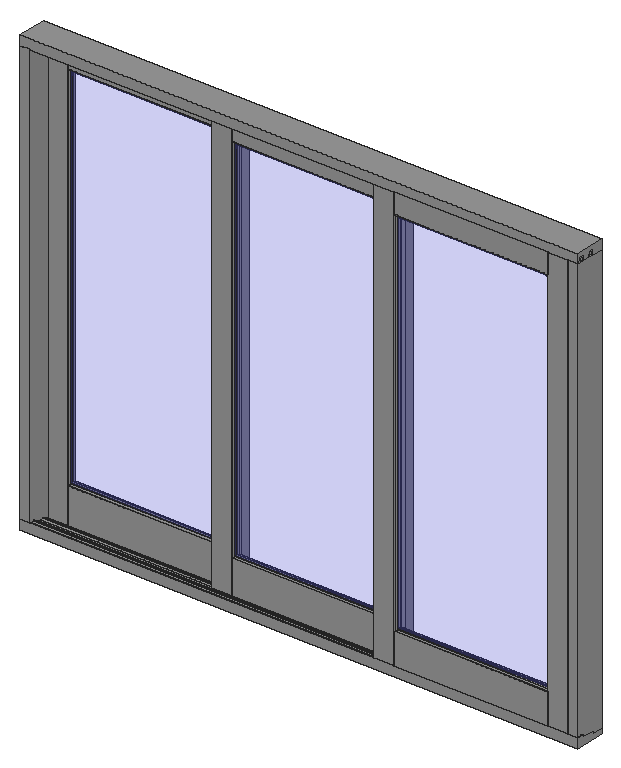
Revit family "VSD2.6TS LH", category Doors, host Wall, Revit 2015
Parameters (values of type "VSD2.6TS LH")
  Function = Interior
  Frame Projection Ext. = 25 mm
  Frame Projection Int. = 25 mm
  Frame Width = 75 mm
  Height = 2100 mm
  Wall Closure = By host
  Width = 2640 mm
Reference planes
  plane 1: y = 0
  plane 2 "Center (Left/Right)": x = 0
  plane 3 "Left": x = -1320
  plane 4 "Right": x = 1320
  plane 5: z = 2100
  plane 6 "Exterior": y = 75
  plane 7 "Interior": y = -75
  plane 8: x = 1275
  plane 9: x = 1170
  plane 10: x = -1275
  plane 11: x = -1170
  plane 12: x = 460
  plane 13: x = 355
  plane 14: x = -460
  plane 15: x = -355
  plane 16: x = -355
  plane 17: x = -460
  plane 18: x = -2905
  plane 19: x = -2800
  plane 20: x = -1170
  plane 21: x = -1275
  plane 22: x = -2090
  plane 23: x = -1985
  plane 24: x = 460
  plane 25: x = 355
  plane 26: x = -2090
  plane 27: x = -1985
  plane 28: x = -355
  plane 29: x = -460
  plane 30: x = -1275
  plane 31: x = -1170
Forms (mm)
  Extrusion 1, solid, material "Lauan, Meranti"
    sketch origin (0, 79.18, -119.746) x (0, 1, 0) y (0, 0, -1)
      loop
        line (-149.18, -119.746) -> (-149.18, -164.746) -> (-141.18, -164.746) -> (-141.18, -163.746) -> (-117.18, -163.746) -> (-117.18, -152.746) -> (-85.18, -152.746) -> (-85.18, -151.746) -> (-61.18, -151.746) -> (-61.18, -140.746) -> (-9.18, -140.746) -> (-9.18, -119.746) -> (-149.18, -119.746)
    from -1320 to 1320
  Extrusion 2, solid, material "Lauan, Meranti"
    sketch origin (0, 0, 0) x (0, 1, 0) y (0, 0, -1)
      loop
        line (70, -2100) -> (70, -2055) -> (17, -2055) -> (17, -2075) -> (-5, -2075) -> (-5, -2055) -> (-39, -2055) -> (-39, -2075) -> (-61, -2075) -> (-61, -2055) -> (-70, -2055) -> (-70, -2100) -> (70, -2100)
    from -1320 to 1320
  Extrusion 3, solid, material "Lauan, Meranti"
    sketch origin (0, 0, 0) x (-1, 0, 0) y (0, -1, 0)
      loop
        line (-1320, -70) -> (-1277, -70) -> (-1277, -50) -> (-1275, -50) -> (-1275, 70) -> (-1320, 70) -> (-1320, -70)
      loop
        line (1320, -70) -> (1320, 70) -> (1275, 70) -> (1275, -50) -> (1277, -50) -> (1277, -70) -> (1320, -70)
    from 45 to 2055
  Extrusion 4, solid, material "Lauan, Meranti"
    sketch origin (0, 0, 0) x (-1, 0, 0) y (0, -1, 0)
      loop
        line (-1275, -50) -> (-1275, 38) -> (-1320, 38) -> (-1320, -70) -> (-1277, -70) -> (-1277, -50) -> (-1275, -50)
      loop
        line (1275, -50) -> (1277, -50) -> (1277, -70) -> (1320, -70) -> (1320, 38) -> (1275, 38) -> (1275, -50)
    from 33 to 45
  Extrusion 5, solid, material "Steel, Chrome Plated"
    sketch origin (0, 0, 0) x (0, 1, 0) y (0, 0, -1)
      loop
        line (-38, -45) -> (-38, -44) -> (-62, -44) -> (-62, -45) -> (-51, -45) -> (-51, -46.882)
        arc (-51, -46.882) -> (-50, -49.5) -> (-49, -46.882) r 1.5
        line (-49, -46.882) -> (-49, -45) -> (-38, -45)
    from -1320 to 1320
  Extrusion 6, solid, material "Lauan, Meranti"
    sketch origin (0, 0, 0) x (-1, 0, 0) y (0, -1, 0)
      loop
        line (-1320, -70) -> (-1277, -70) -> (-1277, -50) -> (-1275, -50) -> (-1275, -18) -> (-1320, -18) -> (-1320, -70)
      loop
        line (1320, -70) -> (1320, -18) -> (1275, -18) -> (1275, -50) -> (1277, -50) -> (1277, -70) -> (1320, -70)
    from 21 to 33
  Extrusion 7, solid, material "Steel, Chrome Plated"
    sketch origin (0, 56, -12) x (0, 1, 0) y (0, 0, -1)
      loop
        line (-38, -45) -> (-38, -44) -> (-62, -44) -> (-62, -45) -> (-51, -45) -> (-51, -46.882)
        arc (-51, -46.882) -> (-50, -49.5) -> (-49, -46.882) r 1.5
        line (-49, -46.882) -> (-49, -45) -> (-38, -45)
    from -460 to 1320
  Extrusion 8, solid, material "Lauan, Meranti"
    sketch origin (0, 0, 0) x (-1, 0, 0) y (0, -1, 0)
      loop
        line (-1179, 70) -> (-1275, 70) -> (-1275, 30) -> (-1179, 30) -> (-1179, 60) -> (-1170, 60) -> (-1170, 62) -> (-1172, 62)
        arc (-1172, 62) -> (-1174.265, 66.44) -> (-1179, 68) r 6.549
        line (-1179, 68) -> (-1179, 70)
      loop
        line (-451, 70) -> (-451, 68)
        arc (-451, 68) -> (-455.735, 66.44) -> (-458, 62) r 6.549
        line (-458, 62) -> (-460, 62) -> (-460, 60) -> (-451, 60) -> (-451, 30) -> (-355, 30) -> (-355, 70) -> (-451, 70)
    from 45 to 2055
  Extrusion 9, solid, material "Lauan, Meranti"
    sketch origin (-1630, 104, 0) x (-1, 0, 0) y (0, -1, 0)
      loop
        line (-1179, 70) -> (-1275, 70) -> (-1275, 30) -> (-1179, 30) -> (-1179, 60) -> (-1170, 60) -> (-1170, 62) -> (-1172, 62)
        arc (-1172, 62) -> (-1174.265, 66.44) -> (-1179, 68) r 6.549
        line (-1179, 68) -> (-1179, 70)
      loop
        line (-451, 70) -> (-451, 68)
        arc (-451, 68) -> (-455.735, 66.44) -> (-458, 62) r 6.549
        line (-458, 62) -> (-460, 62) -> (-460, 60) -> (-451, 60) -> (-451, 30) -> (-355, 30) -> (-355, 70) -> (-451, 70)
    from 21 to 2055
  Extrusion 10, solid, material "Lauan, Meranti"
    sketch origin (-1240.468, 46.5, 0) x (0, 1, 0) y (0, 0, -1)
      loop
        arc (-4.5, -1952) -> (-8.866, -1954.33) -> (-10.5, -1959) r 6.807
        line (-10.5, -1959) -> (-12.5, -1959) -> (-12.5, -2055) -> (27.5, -2055) -> (27.5, -1959) -> (-2.5, -1959) -> (-2.5, -1950) -> (-4.5, -1950) -> (-4.5, -1952)
      loop
        line (-12.5, -192) -> (-10.5, -192)
        arc (-10.5, -192) -> (-8.866, -196.67) -> (-4.5, -199) r 6.807
        line (-4.5, -199) -> (-4.5, -201) -> (-2.5, -201) -> (-2.5, -192) -> (27.5, -192) -> (27.5, -21) -> (-12.5, -21) -> (-12.5, -192)
    from -789.468 to -61.468
  Extrusion 11, solid, material "Lauan, Meranti"
    sketch origin (-260.468, 46.5, 0) x (0, 1, 0) y (0, 0, -1)
      loop
        arc (-52.5, -1952) -> (-56.866, -1954.33) -> (-58.5, -1959) r 6.807
        line (-58.5, -1959) -> (-60.5, -1959) -> (-60.5, -2055) -> (-20.5, -2055) -> (-20.5, -1959) -> (-50.5, -1959) -> (-50.5, -1950) -> (-52.5, -1950) -> (-52.5, -1952)
      loop
        line (-60.5, -192) -> (-58.5, -192)
        arc (-58.5, -192) -> (-56.866, -196.67) -> (-52.5, -199) r 6.807
        line (-52.5, -199) -> (-52.5, -201) -> (-50.5, -201) -> (-50.5, -192) -> (-20.5, -192) -> (-20.5, -33) -> (-60.5, -33) -> (-60.5, -192)
    from -624.468 to 103.532
  Extrusion 12, solid, material "Lauan, Meranti"
    sketch origin (-815, 56, 0) x (-1, 0, 0) y (0, -1, 0)
      loop
        line (-1179, 70) -> (-1275, 70) -> (-1275, 30) -> (-1179, 30) -> (-1179, 60) -> (-1170, 60) -> (-1170, 62) -> (-1172, 62)
        arc (-1172, 62) -> (-1174.265, 66.44) -> (-1179, 68) r 6.549
        line (-1179, 68) -> (-1179, 70)
      loop
        line (-451, 70) -> (-451, 68)
        arc (-451, 68) -> (-455.735, 66.44) -> (-458, 62) r 6.549
        line (-458, 62) -> (-460, 62) -> (-460, 60) -> (-451, 60) -> (-451, 30) -> (-355, 30) -> (-355, 70) -> (-451, 70)
    from 33 to 2055
  Extrusion 13, solid, material "Lauan, Meranti"
    sketch origin (659.532, 46.5, 0) x (0, 1, 0) y (0, 0, -1)
      loop
        arc (-108.5, -1952) -> (-112.866, -1954.33) -> (-114.5, -1959) r 6.807
        line (-114.5, -1959) -> (-116.5, -1959) -> (-116.5, -2055) -> (-76.5, -2055) -> (-76.5, -1959) -> (-106.5, -1959) -> (-106.5, -1950) -> (-108.5, -1950) -> (-108.5, -1952)
      loop
        line (-116.5, -192) -> (-114.5, -192)
        arc (-114.5, -192) -> (-112.866, -196.67) -> (-108.5, -199) r 6.807
        line (-108.5, -199) -> (-108.5, -201) -> (-106.5, -201) -> (-106.5, -192) -> (-76.5, -192) -> (-76.5, -45) -> (-116.5, -45) -> (-116.5, -192)
    from -519.468 to 208.532
  Sweep 14, solid, material "Lauan, Meranti"
    path origin (-396.541, -71.95, -1407.63) x (-1, 0, 0) y (0, 0, -1)
      loop
        line (54.459, -3366.63) -> (782.459, -3366.63) -> (782.459, -1599.63) -> (54.459, -1599.63) -> (54.459, -3366.63)
    profile origin (-815, -71.95, 1959) x (0, 0, -1) y (0, -1, 0)
      loop
        line (9, -124.5) -> (0, -124.5) -> (0, -132.5)
        arc (0, -132.5) -> (4.67, -130.866) -> (7, -126.5) r 6.807
        line (7, -126.5) -> (9, -126.5) -> (9, -124.5)
  Extrusion 15, solid, material "Glass"
    sketch origin (-691.517, -61, -241.167) x (-1, 0, 0) y (0, 0, -1)
      loop
        line (-240.517, -2200.167) -> (487.483, -2200.167) -> (487.483, -433.167) -> (-240.517, -433.167) -> (-240.517, -2200.167)
    from -112.5 to -106.1
  Sweep 16, solid, material "Lauan, Meranti"
    path origin (418.469, -119.95, -1407.63) x (-1, 0, 0) y (0, 0, -1)
      loop
        line (54.459, -3366.63) -> (782.459, -3366.63) -> (782.459, -1599.63) -> (54.459, -1599.63) -> (54.459, -3366.63)
    profile origin (0.01, -119.95, 1959) x (0, 0, -1) y (0, -1, 0)
      loop
        line (9, -124.5) -> (0, -124.5) -> (0, -132.5)
        arc (0, -132.5) -> (4.67, -130.866) -> (7, -126.5) r 6.807
        line (7, -126.5) -> (9, -126.5) -> (9, -124.5)
  Extrusion 17, solid, material "Glass"
    sketch origin (123.493, -109, -241.167) x (-1, 0, 0) y (0, 0, -1)
      loop
        line (-240.517, -2200.167) -> (487.483, -2200.167) -> (487.483, -433.167) -> (-240.517, -433.167) -> (-240.517, -2200.167)
    from -112.5 to -106.1
  Sweep 18, solid, material "Lauan, Meranti"
    path origin (1233.469, -175.95, -1407.63) x (-1, 0, 0) y (0, 0, -1)
      loop
        line (54.459, -3366.63) -> (782.459, -3366.63) -> (782.459, -1599.63) -> (54.459, -1599.63) -> (54.459, -3366.63)
    profile origin (815.01, -175.95, 1959) x (0, 0, -1) y (0, -1, 0)
      loop
        line (9, -124.5) -> (0, -124.5) -> (0, -132.5)
        arc (0, -132.5) -> (4.67, -130.866) -> (7, -126.5) r 6.807
        line (7, -126.5) -> (9, -126.5) -> (9, -124.5)
  Extrusion 19, solid, material "Glass"
    sketch origin (938.493, -165, -241.167) x (-1, 0, 0) y (0, 0, -1)
      loop
        line (-240.517, -2200.167) -> (487.483, -2200.167) -> (487.483, -433.167) -> (-240.517, -433.167) -> (-240.517, -2200.167)
    from -112.5 to -106.1
  Extrusion 20, solid, material "Steel, Chrome Plated"
    sketch origin (0, 0, 0) x (0, 1, 0) y (0, 0, -1)
      loop
        line (16.5, -2075) -> (16.5, -2055) -> (14.3, -2055) -> (14.3, -2072.8) -> (-2.3, -2072.8) -> (-2.3, -2055) -> (-4.5, -2055) -> (-4.5, -2075) -> (16.5, -2075)
    from -1320 to 1320
  Extrusion 21, solid, material "Steel, Chrome Plated"
    sketch origin (0, -56, 0) x (0, 1, 0) y (0, 0, -1)
      loop
        line (16.5, -2075) -> (16.5, -2055) -> (14.3, -2055) -> (14.3, -2072.8) -> (-2.3, -2072.8) -> (-2.3, -2055) -> (-4.5, -2055) -> (-4.5, -2075) -> (16.5, -2075)
    from -1320 to 1320
Cuts and joins
  joined: Extrusion 3, Extrusion 4, Extrusion 6
Lines and regions (mm)
  Opening 1
    outline origin (-5000, 75, 0) x (-1, 0, 0) y (0, 0, 1)
      loop
        line (-6320, 0) -> (-3680, 0) -> (-3680, 2100) -> (-6320, 2100) -> (-6320, 0)
  model lines
    curve 1: line (255.153, 99.5, 1050) -> (-85.77, 99.5, 1050)
    curve 2: line (-224.847, 99.5, 1050) -> (-85.77, 99.5, 1106.191)
    curve 3: line (-85.77, 99.5, 1106.191) -> (-85.77, 99.5, 993.809)
    curve 4: line (-224.847, 99.5, 1050) -> (-85.77, 99.5, 993.809)
    curve 5: line (1070.153, 99.5, 1050) -> (729.23, 99.5, 1050)
    curve 6: line (590.153, 99.5, 1050) -> (729.23, 99.5, 1106.191)
    curve 7: line (729.23, 99.5, 1106.191) -> (729.23, 99.5, 993.809)
    curve 8: line (590.153, 99.5, 1050) -> (729.23, 99.5, 993.809)
Text (mm)
  text "Exterior" at (-2295.016, 1099.543, 0), in view "Ref. Level"
  text "Exterior" at (0, 1615.38, 3698.081), in view "Left"
  text "Exterior" at (0, 1036.032, 3874.932), in view "Right"
Dimensions and locks
  equal spacing: plane 3 "Left", plane 2 "Center (Left/Right)", plane 4 "Right"
  "Width": plane 3 "Left" to plane 4 "Right"
  "Height": plane 5 to host wall
  host wall to plane 5 = 2100 mm  (x2)
  locked: plane 6 "Exterior" to host wall at 0
  locked: plane 7 "Interior" to host wall
  plane 3 "Left" to plane 4 "Right" = 2640 mm
  aligned and locked: plane 1 to host wall
  aligned and locked: Opening 1 sketch curve to level
Automatic sketch dimensions
  curve 2 to plane 2 "Center (Left/Right)" = 224.847 mm
  curve 2 to plane 2 "Center (Left/Right)" = 85.77 mm
  plane 2 "Center (Left/Right)" to curve 6 = 590.153 mm
  curve 6 to curve 6 = 139.078 mm
  level to curve 4 = 993.809 mm
  curve 7 to curve 4 = 0 mm
  curve 7 to curve 8 = 56.191 mm
  curve 3 to curve 4 = 56.191 mm
  curve 3 to curve 3 = 112.382 mm
  curve 7 to curve 7 = 112.382 mm
  plane 2 "Center (Left/Right)" to curve 1 = 255.153 mm
  plane 4 "Right" to curve 5 = 249.847 mm
  curve 1 to curve 2 = 56.191 mm
  curve 7 to curve 5 = 56.191 mm
  plane 4 "Right" to Opening 1 sketch curve = 0 mm
  plane 3 "Left" to Opening 1 sketch curve = 0 mm
  Opening 1 sketch curve to plane 5 = 0 mm
  Extrusion 1 sketch curve to level = 0 mm
  Extrusion 1 sketch curve to host wall = 5 mm  (x2)
  Extrusion 1 sketch curve to Extrusion 1 sketch curve = 8 mm
  Extrusion 1 sketch curve to Extrusion 1 sketch curve = 24 mm
  host wall to Extrusion 1 sketch curve = 6 mm
  Extrusion 1 sketch curve to host wall = 18 mm
  level to Extrusion 1 sketch curve = 21 mm
  Extrusion 1 sketch curve to Extrusion 1 sketch curve = 11 mm  (x2)
  Extrusion 1 sketch curve to Extrusion 1 sketch curve = 1 mm  (x2)
  plane 5 to Extrusion 2 sketch curve = 0 mm
  Extrusion 2 sketch curve to host wall = 5 mm  (x2)
  Extrusion 2 sketch curve to Extrusion 2 sketch curve = 9 mm
  Extrusion 2 sketch curve to Extrusion 2 sketch curve = 22 mm
  host wall to Extrusion 2 sketch curve = 5 mm
  Extrusion 2 sketch curve to host wall = 17 mm
  plane 5 to Extrusion 2 sketch curve = 25 mm  (x2)
  Extrusion 2 sketch curve to Extrusion 2 sketch curve = 20 mm  (x3)
  Extrusion 3 sketch curve to plane 4 "Right" = 0 mm
  Extrusion 3 sketch curve to plane 3 "Left" = 0 mm
  Extrusion 3 sketch curve to plane 4 "Right" = 43 mm
  host wall to Extrusion 3 sketch curve = 5 mm  (x4)
  Extrusion 3 sketch curve to Extrusion 3 sketch curve = 45 mm
  plane 3 "Left" to Extrusion 3 sketch curve = 45 mm
  Extrusion 3 sketch curve to Extrusion 3 sketch curve = 2 mm
  host wall to Extrusion 3 sketch curve = 25 mm  (x2)
  Extrusion 4 sketch curve to plane 4 "Right" = 0 mm
  Extrusion 4 sketch curve to plane 3 "Left" = 0 mm
  Extrusion 4 sketch curve to plane 4 "Right" = 43 mm
  Extrusion 4 sketch curve to Extrusion 4 sketch curve = 2 mm  (x2)
  plane 3 "Left" to Extrusion 4 sketch curve = 45 mm
  host wall to Extrusion 4 sketch curve = 5 mm  (x2)
  host wall to Extrusion 4 sketch curve = 25 mm
  Extrusion 4 sketch curve to Extrusion 4 sketch curve = 20 mm
  host wall to Extrusion 4 sketch curve = 37 mm  (x2)
  Extrusion 5 sketch curve to host wall = 13 mm
  Extrusion 5 sketch curve to Extrusion 5 sketch curve = 11 mm  (x2)
  Extrusion 5 sketch curve to Extrusion 5 sketch curve = 1 mm  (x3)
  level to Extrusion 5 sketch curve = 48 mm
  Extrusion 5 sketch curve to Extrusion 5 sketch curve = 1.118 mm
  Extrusion 5 sketch curve to Extrusion 5 sketch curve = 1.882 mm  (x2)
  Extrusion 6 sketch curve to plane 4 "Right" = 0 mm
  Extrusion 6 sketch curve to plane 3 "Left" = 0 mm
  host wall to Extrusion 6 sketch curve = 5 mm  (x2)
  Extrusion 6 sketch curve to Extrusion 6 sketch curve = 43 mm
  Extrusion 6 sketch curve to Extrusion 6 sketch curve = 2 mm  (x2)
  host wall to Extrusion 6 sketch curve = 18 mm  (x2)
  plane 3 "Left" to Extrusion 6 sketch curve = 45 mm
  Extrusion 6 sketch curve to Extrusion 6 sketch curve = 20 mm
  host wall to Extrusion 6 sketch curve = 25 mm
  host wall to Extrusion 7 sketch curve = 6 mm
  Extrusion 7 sketch curve to host wall = 5 mm
  Extrusion 7 sketch curve to Extrusion 7 sketch curve = 1 mm  (x3)
  Extrusion 7 sketch curve to Extrusion 7 sketch curve = 11 mm
  level to Extrusion 7 sketch curve = 36 mm
  Extrusion 7 sketch curve to Extrusion 7 sketch curve = 1.118 mm
  Extrusion 7 sketch curve to Extrusion 7 sketch curve = 1.882 mm  (x2)
  Extrusion 8 sketch curve to plane 8 = 0 mm
  Extrusion 8 sketch curve to plane 9 = 0 mm
  Extrusion 8 sketch curve to plane 12 = 0 mm
  Extrusion 8 sketch curve to plane 13 = 0 mm
  Extrusion 8 sketch curve to plane 9 = 9 mm  (x2)
  Extrusion 8 sketch curve to Extrusion 8 sketch curve = 0.473 mm  (x3)
  Extrusion 8 sketch curve to Extrusion 8 sketch curve = 2 mm  (x5)
  Extrusion 8 sketch curve to Extrusion 8 sketch curve = 6.527 mm
  host wall to Extrusion 8 sketch curve = 5 mm  (x2)
  Extrusion 8 sketch curve to Extrusion 8 sketch curve = 6 mm  (x2)
  Extrusion 8 sketch curve to Extrusion 8 sketch curve = 1.468 mm
  Extrusion 8 sketch curve to host wall = 30 mm  (x2)
  Extrusion 9 sketch curve to plane 16 = 0 mm
  Extrusion 9 sketch curve to plane 17 = 0 mm
  Extrusion 9 sketch curve to plane 20 = 0 mm
  Extrusion 9 sketch curve to plane 21 = 0 mm
  plane 17 to Extrusion 9 sketch curve = 9 mm  (x2)
  Extrusion 9 sketch curve to host wall = 1 mm  (x2)
  Extrusion 9 sketch curve to Extrusion 9 sketch curve = 0.473 mm  (x3)
  Extrusion 9 sketch curve to Extrusion 9 sketch curve = 2 mm  (x4)
  Extrusion 9 sketch curve to Extrusion 9 sketch curve = 6.527 mm
  Extrusion 9 sketch curve to host wall = 31 mm
  Extrusion 9 sketch curve to Extrusion 9 sketch curve = 30 mm
  Extrusion 9 sketch curve to Extrusion 9 sketch curve = 1.468 mm  (x2)
  Extrusion 9 sketch curve to host wall = 34 mm  (x2)
  Extrusion 10 sketch curve to host wall = 34 mm  (x2)
  Extrusion 10 sketch curve to Extrusion 10 sketch curve = 2 mm  (x6)
  Extrusion 10 sketch curve to Extrusion 10 sketch curve = 6 mm  (x2)
  Extrusion 10 sketch curve to Extrusion 10 sketch curve = 0.803 mm
  Extrusion 10 sketch curve to Extrusion 10 sketch curve = 6.803 mm
  Extrusion 10 sketch curve to host wall = 1 mm  (x2)
  plane 5 to Extrusion 10 sketch curve = 45 mm
  Extrusion 10 sketch curve to Extrusion 10 sketch curve = 96 mm
  Extrusion 10 sketch curve to Extrusion 10 sketch curve = 0 mm
  Extrusion 10 sketch curve to Extrusion 10 sketch curve = 0.241 mm  (x2)
  level to Extrusion 10 sketch curve = 201 mm
  Extrusion 10 sketch curve to Extrusion 10 sketch curve = 6.759 mm
  level to Extrusion 10 sketch curve = 21 mm
  host wall to Extrusion 11 sketch curve = 14 mm  (x2)
  Extrusion 11 sketch curve to Extrusion 11 sketch curve = 2 mm  (x4)
  host wall to Extrusion 11 sketch curve = 6 mm  (x2)
  host wall to Extrusion 11 sketch curve = 5.197 mm  (x2)
  Extrusion 11 sketch curve to Extrusion 11 sketch curve = 1.197 mm  (x2)
  Extrusion 11 sketch curve to host wall = 26 mm  (x2)
  plane 5 to Extrusion 11 sketch curve = 45 mm
  Extrusion 11 sketch curve to Extrusion 11 sketch curve = 96 mm
  Extrusion 11 sketch curve to Extrusion 11 sketch curve = 0 mm
  Extrusion 11 sketch curve to Extrusion 11 sketch curve = 0.241 mm  (x2)
  level to Extrusion 11 sketch curve = 201 mm
  Extrusion 11 sketch curve to Extrusion 11 sketch curve = 6.759 mm
  level to Extrusion 11 sketch curve = 33 mm
  Extrusion 12 sketch curve to plane 24 = 0 mm
  Extrusion 12 sketch curve to plane 25 = 0 mm
  Extrusion 12 sketch curve to plane 28 = 0 mm
  Extrusion 12 sketch curve to plane 29 = 0 mm
  plane 25 to Extrusion 12 sketch curve = 9 mm  (x2)
  Extrusion 12 sketch curve to Extrusion 12 sketch curve = 0.473 mm  (x3)
  Extrusion 12 sketch curve to Extrusion 12 sketch curve = 2 mm  (x4)
  host wall to Extrusion 12 sketch curve = 5.468 mm  (x2)
  Extrusion 12 sketch curve to Extrusion 12 sketch curve = 6.527 mm
  host wall to Extrusion 12 sketch curve = 4 mm
  Extrusion 12 sketch curve to Extrusion 12 sketch curve = 1.468 mm
  Extrusion 12 sketch curve to host wall = 26 mm  (x2)
  host wall to Extrusion 12 sketch curve = 14 mm  (x2)
  Extrusion 13 sketch curve to host wall = 5 mm  (x2)
  Extrusion 13 sketch curve to Extrusion 13 sketch curve = 2 mm  (x4)
  Extrusion 13 sketch curve to Extrusion 13 sketch curve = 6 mm  (x2)
  Extrusion 13 sketch curve to Extrusion 13 sketch curve = 0.803 mm
  Extrusion 13 sketch curve to Extrusion 13 sketch curve = 6.803 mm
  Extrusion 13 sketch curve to Extrusion 13 sketch curve = 1.197 mm  (x2)
  host wall to Extrusion 13 sketch curve = 30 mm  (x2)
  plane 5 to Extrusion 13 sketch curve = 45 mm
  Extrusion 13 sketch curve to Extrusion 13 sketch curve = 96 mm
  Extrusion 13 sketch curve to Extrusion 13 sketch curve = 0 mm
  Extrusion 13 sketch curve to Extrusion 13 sketch curve = 0.241 mm  (x2)
  level to Extrusion 13 sketch curve = 201 mm
  Extrusion 13 sketch curve to Extrusion 13 sketch curve = 6.759 mm
  level to Extrusion 13 sketch curve = 45 mm
  level to Sweep 14 sketch curve = 192 mm
  Sweep 14 sketch curve to plane 2 "Center (Left/Right)" = 451 mm
  Sweep 14 sketch curve to plane 3 "Left" = 141 mm
  plane 5 to Sweep 14 sketch curve = 141 mm
  Sweep 14 sketch curve to profile plane = 0 mm
  Sweep 14 sketch curve to profile plane = 0.241 mm
  Sweep 14 sketch curve to Sweep 14 sketch curve = 6.759 mm
  Sweep 14 sketch curve to Sweep 14 sketch curve = 2 mm  (x2)
  Sweep 14 sketch curve to profile plane = 132.5 mm
  Sweep 14 sketch curve to Sweep 14 sketch curve = 6 mm
  level to Extrusion 15 sketch curve = 192 mm
  Extrusion 15 sketch curve to plane 2 "Center (Left/Right)" = 451 mm
  Extrusion 15 sketch curve to plane 3 "Left" = 141 mm
  plane 5 to Extrusion 15 sketch curve = 141 mm
  plane 2 "Center (Left/Right)" to Sweep 16 sketch curve = 364.01 mm
  Sweep 16 sketch curve to plane 2 "Center (Left/Right)" = 363.99 mm
  plane 5 to Sweep 16 sketch curve = 141 mm
  level to Sweep 16 sketch curve = 192 mm
  Sweep 16 sketch curve to profile plane = 0 mm
  Sweep 16 sketch curve to profile plane = 0.241 mm
  Sweep 16 sketch curve to Sweep 16 sketch curve = 6.759 mm
  Sweep 16 sketch curve to Sweep 16 sketch curve = 2 mm  (x2)
  Sweep 16 sketch curve to profile plane = 132.5 mm
  Sweep 16 sketch curve to Sweep 16 sketch curve = 6 mm
  plane 2 "Center (Left/Right)" to Extrusion 17 sketch curve = 364.01 mm
  Extrusion 17 sketch curve to plane 2 "Center (Left/Right)" = 363.99 mm
  plane 5 to Extrusion 17 sketch curve = 141 mm
  level to Extrusion 17 sketch curve = 192 mm
  plane 4 "Right" to Sweep 18 sketch curve = 140.99 mm
  level to Sweep 18 sketch curve = 192 mm
  plane 2 "Center (Left/Right)" to Sweep 18 sketch curve = 451.01 mm
  plane 5 to Sweep 18 sketch curve = 141 mm
  Sweep 18 sketch curve to profile plane = 0 mm
  Sweep 18 sketch curve to profile plane = 0.241 mm
  Sweep 18 sketch curve to Sweep 18 sketch curve = 6.759 mm
  Sweep 18 sketch curve to Sweep 18 sketch curve = 2 mm  (x2)
  Sweep 18 sketch curve to profile plane = 132.5 mm
  Sweep 18 sketch curve to Sweep 18 sketch curve = 6 mm
  plane 4 "Right" to Extrusion 19 sketch curve = 140.99 mm
  level to Extrusion 19 sketch curve = 192 mm
  plane 2 "Center (Left/Right)" to Extrusion 19 sketch curve = 451.01 mm
  plane 5 to Extrusion 19 sketch curve = 141 mm
  host wall to Extrusion 20 sketch curve = 4.5 mm
  host wall to Extrusion 20 sketch curve = 2.3 mm
  Extrusion 20 sketch curve to host wall = 14.3 mm
  Extrusion 20 sketch curve to Extrusion 20 sketch curve = 2.2 mm  (x2)
  plane 5 to Extrusion 20 sketch curve = 25 mm
  Extrusion 20 sketch curve to Extrusion 20 sketch curve = 17.8 mm  (x2)
  Extrusion 21 sketch curve to host wall = 14.5 mm
  Extrusion 21 sketch curve to Extrusion 21 sketch curve = 2.2 mm  (x3)
  Extrusion 21 sketch curve to Extrusion 21 sketch curve = 16.6 mm
  plane 5 to Extrusion 21 sketch curve = 25 mm
  Extrusion 21 sketch curve to Extrusion 21 sketch curve = 17.8 mm  (x2)
